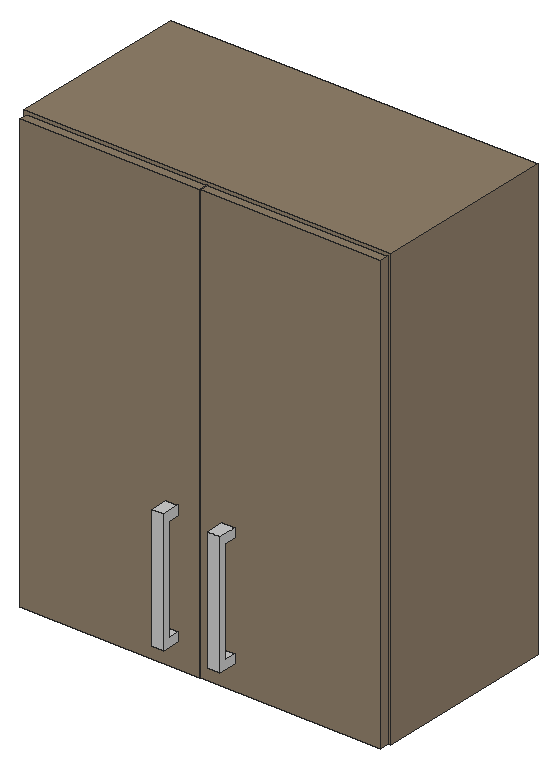
Revit family "Кухня верхній шкафчик", category Мебель, Revit 2019
Family settings
  Номер OmniClass = 23.40.20.00
  Заголовок OmniClass = General Furniture and Specialties
  На основе рабочей плоскости = Нет
  Всегда вертикально = Да
  При загрузке вырезать с полостями = Нет
  Общий = Нет
  Точка расчета площади = Нет
Parameters
  Ширина [instance] = 600 mm
  Изготовитель = "Литвинчук Артур"
  URL = "lytvynchukartur@gmail.com"
  2 дверок открывание вверх [instance] = no
  Дверки правое открывание [instance] = no
  Дверки левое открывание [instance] = no
  Дверки ручка снизу [instance] = no
  Материал корпус = Материал корпус кухни
  Глубина [instance] = 300 mm
  Высота [instance] = 720 mm
  2 распашных дверки [instance] = yes
Reference planes
  plane 1 "По центру (Вперед/Назад)": y = 0
  plane 2: z = 0
  plane 3 "По центру (Влево/Вправо)": x = 0
  plane 4: x = 600
  plane 5: y = -300
  plane 6: z = 1460
  plane 7: z = 2180
  plane 8: x = 595
  plane 9 "По центру Л/С": x = 5
  plane 10: y = -315
  plane 11: z = 2175
  plane 12: y = -335
  plane 13: y = -345
  plane 14 "По центру Л/Т": x = 300
  plane 15 "По центру Л/У": x = 400
  plane 16 "По центру Л/Ф": x = 385
  plane 17 "По центру Л/Х": x = 215
  plane 18 "По центру Л/Ц": x = 200
  plane 19: z = 1500
  plane 20: z = 1520
  plane 21: z = 1820
  plane 22: z = 1822.5
  plane 23: z = 1817.5
  plane 24: z = 1862.5
  plane 25: z = 1882.5
  plane 26 "По центру Л/Ч": x = 40
  plane 27 "По центру Л/Ш": x = 60
  plane 28: x = 560
  plane 29: x = 540
  plane 30 "По центру Л/Щ": x = 301
  plane 31 "По центру Л/Ъ": x = 299
Forms (mm)
  Extrusion 1, solid, material "Материал корпус кухни" <- "Материал корпус"
    sketch origin (0, 0, 0) x (1, 0, 0) y (0, 1, 0)
      loop
        line (0, 0) -> (0, -300) -> (600, -300) -> (600, 0) -> (0, 0)
    from 1460 to 2180
  Extrusion 2, solid, material "Материал корпус кухни", visible <- "Дверки ручка снизу"
    sketch origin (0, -500, 0) x (1, 0, 0) y (0, 1, 0)
      loop
        line (5, 200) -> (5, 185) -> (595, 185) -> (595, 200) -> (5, 200)
    from 1460 to 2175
  Extrusion 3, solid, material "Материал ручка кухни", visible <- "Дверки ручка снизу"
    sketch origin (155, 250, 656.269) x (1, 0, 0) y (0, 1, 0)
      loop
        line (45, -565) -> (45, -595) -> (245, -595) -> (245, -565) -> (230, -565) -> (230, -585) -> (60, -585) -> (60, -565) -> (45, -565)
    from 843.731 to 863.731
  Extrusion 4, solid, material "Материал корпус кухни", visible <- "2 дверок открывание вверх"
    sketch origin (750, -500, 0) x (1, 0, 0) y (0, 1, 0)
      loop
        line (-745, 200) -> (-745, 185) -> (-155, 185) -> (-155, 200) -> (-745, 200)
    from 1822.5 to 2175
  Extrusion 5, solid, material "Материал ручка кухни", visible <- "2 дверок открывание вверх"
    sketch origin (905, 250, 656.269) x (1, 0, 0) y (0, 1, 0)
      loop
        line (-705, -565) -> (-705, -595) -> (-505, -595) -> (-505, -565) -> (-520, -565) -> (-520, -585) -> (-690, -585) -> (-690, -565) -> (-705, -565)
    from 1206.231 to 1226.231
  Extrusion 6, solid, material "Материал корпус кухни", visible <- "2 дверок открывание вверх"
    sketch origin (1150, -500, 0) x (1, 0, 0) y (0, 1, 0)
      loop
        line (-1145, 200) -> (-1145, 185) -> (-555, 185) -> (-555, 200) -> (-1145, 200)
    from 1460 to 1817.5
  Extrusion 7, solid, material "Материал ручка кухни", visible <- "2 дверок открывание вверх"
    sketch origin (625, 250, 656.269) x (1, 0, 0) y (0, 1, 0)
      loop
        line (-425, -565) -> (-425, -595) -> (-225, -595) -> (-225, -565) -> (-240, -565) -> (-240, -585) -> (-410, -585) -> (-410, -565) -> (-425, -565)
    from 843.731 to 863.731
  Extrusion 8, solid, material "Материал корпус кухни", visible <- "Дверки правое открывание"
    sketch origin (1850, -500, 0) x (1, 0, 0) y (0, 1, 0)
      loop
        line (-1845, 200) -> (-1845, 185) -> (-1255, 185) -> (-1255, 200) -> (-1845, 200)
    from 1460 to 2175
  Extrusion 9, solid, material "Материал ручка кухни", visible <- "Дверки правое открывание"
    sketch origin (1853.731, 250, 1925) x (0, 0, 1) y (0, 1, 0)
      loop
        line (-425, -565) -> (-425, -595) -> (-225, -595) -> (-225, -565) -> (-240, -565) -> (-240, -585) -> (-410, -585) -> (-410, -565) -> (-425, -565)
    from 1793.731 to 1813.731
  Extrusion 10, solid, material "Материал корпус кухни" <- "Материал корпус", visible <- "Дверки левое открывание"
    sketch origin (2550, -500, 0) x (1, 0, 0) y (0, 1, 0)
      loop
        line (-2545, 200) -> (-2545, 185) -> (-1955, 185) -> (-1955, 200) -> (-2545, 200)
    from 1460 to 2175
  Extrusion 11, solid, material "Материал ручка кухни", visible <- "Дверки левое открывание"
    sketch origin (2553.731, 250, 1925) x (0, 0, 1) y (0, 1, 0)
      loop
        line (-425, -565) -> (-425, -595) -> (-225, -595) -> (-225, -565) -> (-240, -565) -> (-240, -585) -> (-410, -585) -> (-410, -565) -> (-425, -565)
    from 1993.731 to 2013.731
  Extrusion 12, solid, material "Материал корпус кухни" <- "Материал корпус", visible <- "2 распашных дверки"
    sketch origin (3250, -500, 0) x (1, 0, 0) y (0, 1, 0)
      loop
        line (-3245, 200) -> (-3245, 185) -> (-2951, 185) -> (-2951, 200) -> (-3245, 200)
    from 1460 to 2175
  Extrusion 13, solid, material "Материал корпус кухни" <- "Материал корпус", visible <- "2 распашных дверки"
    sketch origin (3930, -500, 0) x (1, 0, 0) y (0, 1, 0)
      loop
        line (-3629, 200) -> (-3629, 185) -> (-3335, 185) -> (-3335, 200) -> (-3629, 200)
    from 1460 to 2175
  Extrusion 14, solid, material "Материал ручка кухни", visible <- "2 распашных дверки"
    sketch origin (2057.731, 250, 1925) x (0, 0, 1) y (0, 1, 0)
      loop
        line (-425, -565) -> (-425, -595) -> (-225, -595) -> (-225, -565) -> (-240, -565) -> (-240, -585) -> (-410, -585) -> (-410, -565) -> (-425, -565)
    from 1793.731 to 1813.731
  Extrusion 15, solid, material "Материал ручка кухни", visible <- "2 распашных дверки", not visible
    sketch origin (1853.731, 250, 1925) x (0, 0, 1) y (0, 1, 0)
      loop
        line (-425, -565) -> (-425, -595) -> (-225, -595) -> (-225, -565) -> (-240, -565) -> (-240, -585) -> (-410, -585) -> (-410, -565) -> (-425, -565)
    from 1793.731 to 1813.731
  Extrusion 16, solid, material "Материал ручка кухни", visible <- "2 распашных дверки"
    sketch origin (2149.731, 250, 1925) x (0, 0, 1) y (0, 1, 0)
      loop
        line (-425, -565) -> (-425, -595) -> (-225, -595) -> (-225, -565) -> (-240, -565) -> (-240, -585) -> (-410, -585) -> (-410, -565) -> (-425, -565)
    from 1793.731 to 1813.731
  Extrusion 17, solid, material "Материал ручка кухни", visible <- "Дверки правое открывание", not visible
    sketch origin (1853.731, 250, 1925) x (0, 0, 1) y (0, 1, 0)
      loop
        line (-425, -565) -> (-425, -595) -> (-225, -595) -> (-225, -565) -> (-240, -565) -> (-240, -585) -> (-410, -585) -> (-410, -565) -> (-425, -565)
    from 1793.731 to 1813.731
  Extrusion 18, solid, material "Материал ручка кухни", visible <- "Дверки левое открывание", not visible
    sketch origin (2553.731, 250, 1925) x (0, 0, 1) y (0, 1, 0)
      loop
        line (-425, -565) -> (-425, -595) -> (-225, -595) -> (-225, -565) -> (-240, -565) -> (-240, -585) -> (-410, -585) -> (-410, -565) -> (-425, -565)
    from 1993.731 to 2013.731
  Extrusion 19, solid, material "Материал ручка кухни", visible <- "2 дверок открывание вверх", not visible
    sketch origin (905, 250, 656.269) x (1, 0, 0) y (0, 1, 0)
      loop
        line (-705, -565) -> (-705, -595) -> (-505, -595) -> (-505, -565) -> (-520, -565) -> (-520, -585) -> (-690, -585) -> (-690, -565) -> (-705, -565)
    from 1206.231 to 1226.231
  Extrusion 20, solid, material "Материал ручка кухни", visible <- "2 дверок открывание вверх", not visible
    sketch origin (625, 250, 656.269) x (1, 0, 0) y (0, 1, 0)
      loop
        line (-425, -565) -> (-425, -595) -> (-225, -595) -> (-225, -565) -> (-240, -565) -> (-240, -585) -> (-410, -585) -> (-410, -565) -> (-425, -565)
    from 843.731 to 863.731
  Extrusion 21, solid, material "Материал ручка кухни", visible <- "Дверки ручка снизу", not visible
    sketch origin (155, 250, 656.269) x (1, 0, 0) y (0, 1, 0)
      loop
        line (45, -565) -> (45, -595) -> (245, -595) -> (245, -565) -> (230, -565) -> (230, -585) -> (60, -585) -> (60, -565) -> (45, -565)
    from 843.731 to 863.731
Dimensions and locks
  "Глубина": plane 5 to plane 1 "По центру (Вперед/Назад)"
  "Ширина": plane 3 "По центру (Влево/Вправо)" to plane 4
  "Высота": plane 7 to plane 6
  plane 13 to plane 12 to plane 10 to plane 5 = 10 mm locked, 20 mm locked, 15 mm locked
  locked: plane 8 to plane 4 at 5
  locked: plane 3 "По центру (Влево/Вправо)" to plane 9 "По центру Л/С" at 5
  locked: plane 7 to plane 11 at 5
  equal spacing: plane 3 "По центру (Влево/Вправо)", plane 14 "По центру Л/Т", plane 4
  plane 18 "По центру Л/Ц" to plane 14 "По центру Л/Т" to plane 15 "По центру Л/У" = 100 mm locked, 100 mm locked
  locked: plane 18 "По центру Л/Ц" to plane 17 "По центру Л/Х" at 15
  locked: plane 16 "По центру Л/Ф" to plane 15 "По центру Л/У" at 15
  equal spacing: plane 7, plane 21, plane 6
  plane 22 to plane 21 to plane 23 = 2.5 mm locked, 2.5 mm locked
  plane 25 to plane 24 to plane 21 = 20 mm locked, 42.5 mm locked
  plane 4 to plane 28 to plane 29 = 40 mm locked, 20 mm locked
  plane 30 "По центру Л/Щ" to plane 14 "По центру Л/Т" to plane 31 "По центру Л/Ъ" = 1 mm locked, 1 mm locked
  locked: Extrusion 14 to plane 31 "По центру Л/Ъ" at 35
  locked: plane 30 "По центру Л/Щ" to Extrusion 16 at 35
  locked: Extrusion 16 to plane 6 at 40
  locked: Extrusion 14 to plane 6 at 40
  aligned and locked: level to plane 2
  aligned and locked: Extrusion 1 to plane 1 "По центру (Вперед/Назад)"
  aligned and locked: plane 4 to Extrusion 1
  aligned and locked: plane 5 to Extrusion 1
  aligned and locked: Extrusion 1 to plane 3 "По центру (Влево/Вправо)"
  aligned and locked: plane 7 to Extrusion 1
  aligned and locked: Extrusion 1 to plane 6
  aligned and locked: Extrusion 2 to plane 9 "По центру Л/С"
  aligned and locked: plane 8 to Extrusion 2
  aligned and locked: Extrusion 2 to plane 5
  aligned and locked: plane 10 to Extrusion 2
  aligned and locked: plane 11 to Extrusion 2
  aligned and locked: Extrusion 3 to Extrusion 2  (x2)
  aligned and locked: plane 13 to Extrusion 3
  aligned and locked: plane 20 to Extrusion 3
  aligned and locked: Extrusion 3 to plane 19
  aligned and locked: Extrusion 3 to plane 18 "По центру Л/Ц"
  aligned and locked: plane 17 "По центру Л/Х" to Extrusion 3
  aligned and locked: Extrusion 3 to plane 16 "По центру Л/Ф"
  aligned and locked: plane 15 "По центру Л/У" to Extrusion 3
  aligned and locked: Extrusion 5 to Extrusion 4  (x2)
  aligned and locked: Extrusion 1 to Extrusion 6
  aligned and locked: plane 23 to Extrusion 6
  aligned and locked: Extrusion 6 to plane 9 "По центру Л/С"
  aligned and locked: plane 8 to Extrusion 6
  aligned and locked: plane 11 to Extrusion 4
  aligned and locked: Extrusion 4 to plane 22
  aligned and locked: Extrusion 4 to plane 9 "По центру Л/С"
  aligned and locked: plane 8 to Extrusion 4
  aligned and locked: Extrusion 7 to plane 19
  aligned and locked: plane 20 to Extrusion 7
  aligned and locked: Extrusion 7 to plane 18 "По центру Л/Ц"
  aligned and locked: plane 17 "По центру Л/Х" to Extrusion 7
  aligned and locked: Extrusion 7 to plane 16 "По центру Л/Ф"
  aligned and locked: plane 15 "По центру Л/У" to Extrusion 7
  aligned and locked: Extrusion 7 to plane 10  (x2)
  aligned and locked: Extrusion 7 to plane 12
  aligned and locked: plane 13 to Extrusion 7
  aligned and locked: plane 25 to Extrusion 5
  aligned and locked: Extrusion 5 to plane 24
  aligned and locked: Extrusion 5 to plane 18 "По центру Л/Ц"
  aligned and locked: plane 17 "По центру Л/Х" to Extrusion 5
  aligned and locked: Extrusion 5 to plane 16 "По центру Л/Ф"
  aligned and locked: plane 15 "По центру Л/У" to Extrusion 5
  aligned and locked: plane 10 to Extrusion 4
  aligned and locked: Extrusion 5 to plane 12
  aligned and locked: plane 13 to Extrusion 5
  aligned and locked: Extrusion 8 to plane 9 "По центру Л/С"
  aligned and locked: plane 8 to Extrusion 8
  aligned and locked: Extrusion 8 to plane 6
  aligned and locked: plane 11 to Extrusion 8
  aligned and locked: Extrusion 9 to plane 26 "По центру Л/Ч"
  aligned and locked: plane 27 "По центру Л/Ш" to Extrusion 9
  aligned and locked: Extrusion 1 to Extrusion 10
  aligned and locked: plane 11 to Extrusion 10
  aligned and locked: Extrusion 10 to plane 9 "По центру Л/С"
  aligned and locked: plane 8 to Extrusion 10
  aligned and locked: Extrusion 11 to plane 29
  aligned and locked: plane 28 to Extrusion 11
  aligned and locked: Extrusion 12 to plane 9 "По центру Л/С"
  aligned and locked: plane 31 "По центру Л/Ъ" to Extrusion 12
  aligned and locked: plane 11 to Extrusion 12
  aligned and locked: Extrusion 12 to plane 6
  aligned and locked: Extrusion 13 to plane 30 "По центру Л/Щ"
  aligned and locked: plane 8 to Extrusion 13
  aligned and locked: plane 11 to Extrusion 13
  aligned and locked: Extrusion 13 to plane 6
  aligned and locked: Extrusion 9 to plane 10
  aligned and locked: Extrusion 14 to plane 10
  aligned and locked: Extrusion 16 to plane 10
  aligned and locked: Extrusion 11 to plane 10
Automatic sketch dimensions
  Extrusion 14 sketch curve to Extrusion 14 sketch curve = 15 mm  (x2)
  Extrusion 14 sketch curve to Extrusion 14 sketch curve = 170 mm
  Extrusion 14 sketch curve to Extrusion 14 sketch curve = 10 mm
  Extrusion 14 sketch curve to Extrusion 14 sketch curve = 20 mm  (x2)
  Extrusion 15 sketch curve to Extrusion 15 sketch curve = 15 mm  (x2)
  Extrusion 15 sketch curve to Extrusion 15 sketch curve = 170 mm
  Extrusion 15 sketch curve to Extrusion 15 sketch curve = 10 mm
  Extrusion 15 sketch curve to Extrusion 15 sketch curve = 20 mm  (x2)
  Extrusion 16 sketch curve to Extrusion 16 sketch curve = 15 mm  (x2)
  Extrusion 16 sketch curve to Extrusion 16 sketch curve = 170 mm
  Extrusion 16 sketch curve to Extrusion 16 sketch curve = 10 mm
  Extrusion 16 sketch curve to Extrusion 16 sketch curve = 20 mm  (x2)
  Extrusion 1 sketch curve to plane 3 "По центру (Влево/Вправо)" = 0 mm
  Extrusion 1 sketch curve to plane 4 = 0 mm
  plane 5 to Extrusion 1 sketch curve = 0 mm
  plane 1 "По центру (Вперед/Назад)" to Extrusion 1 sketch curve = 0 mm
  Extrusion 2 sketch curve to plane 9 "По центру Л/С" = 0 mm
  Extrusion 2 sketch curve to plane 8 = 0 mm
  plane 10 to Extrusion 2 sketch curve = 0 mm
  plane 5 to Extrusion 2 sketch curve = 0 mm
  Extrusion 4 sketch curve to plane 9 "По центру Л/С" = 0 mm
  Extrusion 4 sketch curve to plane 8 = 0 mm
  plane 10 to Extrusion 4 sketch curve = 0 mm
  plane 5 to Extrusion 4 sketch curve = 0 mm
  Extrusion 6 sketch curve to plane 9 "По центру Л/С" = 0 mm
  Extrusion 6 sketch curve to plane 8 = 0 mm
  plane 10 to Extrusion 6 sketch curve = 0 mm
  plane 5 to Extrusion 6 sketch curve = 0 mm
  Extrusion 8 sketch curve to plane 9 "По центру Л/С" = 0 mm
  Extrusion 8 sketch curve to plane 8 = 0 mm
  plane 10 to Extrusion 8 sketch curve = 0 mm
  plane 5 to Extrusion 8 sketch curve = 0 mm
  Extrusion 9 sketch curve to Extrusion 9 sketch curve = 15 mm  (x2)
  Extrusion 10 sketch curve to plane 9 "По центру Л/С" = 0 mm
  Extrusion 10 sketch curve to plane 8 = 0 mm
  plane 10 to Extrusion 10 sketch curve = 0 mm
  plane 5 to Extrusion 10 sketch curve = 0 mm
  Extrusion 11 sketch curve to Extrusion 11 sketch curve = 15 mm  (x2)
  Extrusion 12 sketch curve to plane 9 "По центру Л/С" = 0 mm
  plane 10 to Extrusion 12 sketch curve = 0 mm
  Extrusion 12 sketch curve to plane 31 "По центру Л/Ъ" = 0 mm
  plane 5 to Extrusion 12 sketch curve = 0 mm
  plane 10 to Extrusion 13 sketch curve = 0 mm
  Extrusion 13 sketch curve to plane 30 "По центру Л/Щ" = 0 mm
  Extrusion 13 sketch curve to plane 8 = 0 mm
  plane 5 to Extrusion 13 sketch curve = 0 mm
  Extrusion 9 sketch curve to Extrusion 9 sketch curve = 170 mm
  Extrusion 9 sketch curve to Extrusion 9 sketch curve = 10 mm
  Extrusion 9 sketch curve to Extrusion 9 sketch curve = 20 mm  (x2)
  Extrusion 17 sketch curve to Extrusion 17 sketch curve = 15 mm  (x2)
  Extrusion 17 sketch curve to Extrusion 17 sketch curve = 170 mm
  Extrusion 17 sketch curve to Extrusion 17 sketch curve = 10 mm
  Extrusion 17 sketch curve to Extrusion 17 sketch curve = 20 mm  (x2)
  Extrusion 11 sketch curve to Extrusion 11 sketch curve = 170 mm
  Extrusion 11 sketch curve to Extrusion 11 sketch curve = 10 mm
  Extrusion 11 sketch curve to Extrusion 11 sketch curve = 20 mm  (x2)
  Extrusion 18 sketch curve to Extrusion 18 sketch curve = 15 mm  (x2)
  Extrusion 18 sketch curve to Extrusion 18 sketch curve = 170 mm
  Extrusion 18 sketch curve to Extrusion 18 sketch curve = 10 mm
  Extrusion 18 sketch curve to Extrusion 18 sketch curve = 20 mm  (x2)
  Extrusion 5 sketch curve to Extrusion 5 sketch curve = 15 mm  (x2)
  Extrusion 5 sketch curve to Extrusion 5 sketch curve = 170 mm
  Extrusion 5 sketch curve to Extrusion 5 sketch curve = 10 mm
  Extrusion 5 sketch curve to Extrusion 5 sketch curve = 20 mm  (x2)
  Extrusion 19 sketch curve to Extrusion 19 sketch curve = 15 mm  (x2)
  Extrusion 19 sketch curve to Extrusion 19 sketch curve = 170 mm
  Extrusion 19 sketch curve to Extrusion 19 sketch curve = 10 mm
  Extrusion 19 sketch curve to Extrusion 19 sketch curve = 20 mm  (x2)
  Extrusion 7 sketch curve to Extrusion 7 sketch curve = 15 mm  (x2)
  Extrusion 7 sketch curve to Extrusion 7 sketch curve = 170 mm
  Extrusion 7 sketch curve to Extrusion 7 sketch curve = 10 mm
  Extrusion 7 sketch curve to Extrusion 7 sketch curve = 20 mm  (x2)
  Extrusion 20 sketch curve to Extrusion 20 sketch curve = 15 mm  (x2)
  Extrusion 20 sketch curve to Extrusion 20 sketch curve = 170 mm
  Extrusion 20 sketch curve to Extrusion 20 sketch curve = 10 mm
  Extrusion 20 sketch curve to Extrusion 20 sketch curve = 20 mm  (x2)
  Extrusion 3 sketch curve to Extrusion 3 sketch curve = 15 mm  (x2)
  Extrusion 3 sketch curve to Extrusion 3 sketch curve = 170 mm
  Extrusion 3 sketch curve to Extrusion 3 sketch curve = 10 mm
  Extrusion 3 sketch curve to Extrusion 3 sketch curve = 20 mm  (x2)
  Extrusion 21 sketch curve to Extrusion 21 sketch curve = 15 mm  (x2)
  Extrusion 21 sketch curve to Extrusion 21 sketch curve = 170 mm
  Extrusion 21 sketch curve to Extrusion 21 sketch curve = 10 mm
  Extrusion 21 sketch curve to Extrusion 21 sketch curve = 20 mm  (x2)
